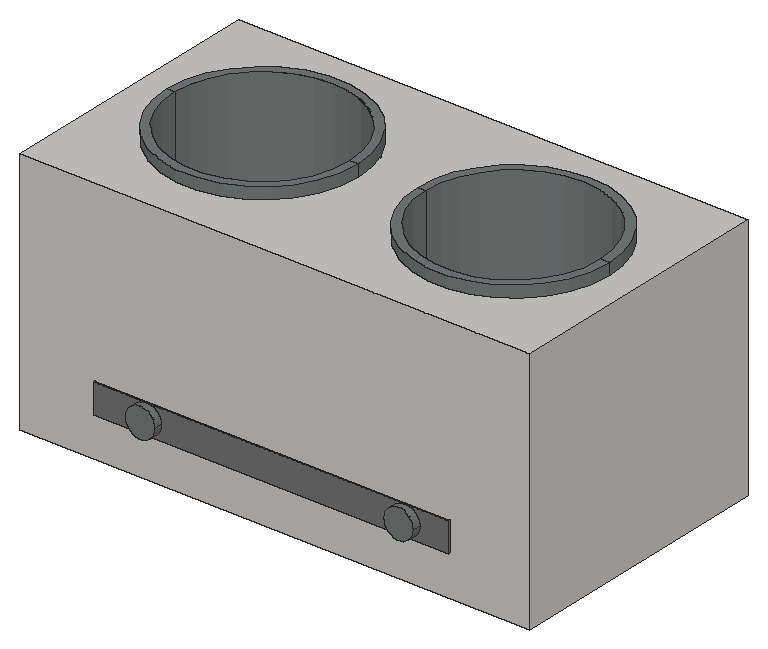
Revit family "QF_Vollrath 72045", category Specialty Equipment, Revit 2016
Family settings
  Part Type = Normal
  Round Connector Dimension = Use Diameter
  OmniClass Number = 23.40.40.11.31
  OmniClass Title = Steam Tables
  Work Plane-Based = No
  Always vertical = Yes
  Cut with Voids When Loaded = No
  Shared = No
  Room Calculation Point = No
Parameters (values of type "72045")
  Width = 17.25"
  Weight in Pounds = 12.58
  Watts = 1100 W
  Watermarked By = "http://revitwatermark.com"
  Volts = 120 V
  URL Cutsheet = ""
  URL = "www.vollrathco.com"
  Status [instance] = ""
  Specification by User [instance] = ""
  Specification by Manufacturer = ""
  Serial Number [instance] = ""
  Seismic Rating [instance] = ""
  Revision Code [instance] = ""
  Phase = 1
  Number of Poles [instance] = 1
  NAFEM Spec ID Number [instance] = ""
  Model = "72045"
  Masterspec = ""
  Manufacturer = "Vollrath"
  Item Number [instance] = ""
  Installed By [instance] = ""
  Height AFF [instance] = 36.00"
  Height = 8.75"
  Furnished By [instance] = ""
  Foodservice Equipment Identifier [instance] = yes
  FL Amps = 9.2 A
  Electrical Remarks [instance] = ""
  Electric Connection Type [instance] = ""
  Elec Conn RI Height [instance] = 0.00"
  Elec Conn Connection Height = 2.00"
  Description = "Rethermalizer, Twin Well"
  Depth = 9.25"
  Cycle = 60 Hz
  Conn Plug = "NEMA 5-15P"
  CSI MasterFormat = "11 42 13"
  Assembly Code = "E1090320"
  Apparent Power = if(Phase = 3, Volts * FL Amps * 1.73, Volts * FL Amps)  # 1104 VA
Reference planes (in)
  plane 1: z = 0
  plane 2 "LEFT": x = 48
  plane 3 "BACK": y = -48
  plane 4 "BOTTOM": z = 36
  plane 5 "RIGHT": x = 65.25
  plane 6 "FRONT": y = -57.25
  plane 7 "TOP": z = 44.75
  plane 8: x = 56.625
  plane 9 "12": y = -52.625
  plane 10: z = 44.37
  plane 11: z = 36.87
  plane 12: z = 37
  plane 13: z = 37.36909
  plane 14: z = 38.36909
  plane 15: x = 49.36359
Forms (in)
  Extrusion 1, solid, material "QF_Finishes_Stainless Steel"
    sketch origin (0, 0, 0) x (1, 0, 0) y (0, 1, 0)
      loop
        line (48, -48) -> (48, -57.25) -> (65.25, -57.25) -> (65.25, -48) -> (48, -48)
    from 36 to 44.37
  Revolve 2, void
    sketch origin (0, -52.625, 0) x (1, 0, 0) y (0, 0, 1)
      loop
        line (49.24805, 44.37) -> (49.24805, 36.87) -> (52.49805, 36.87) -> (52.49805, 44.37) -> (49.24805, 44.37)
      axis (52.49805, 36.87) -> (52.49805, 44.37)
    angle from 0 to 360
  Revolve 3, void
    sketch origin (8.5, -52.625, 0) x (1, 0, 0) y (0, 0, 1)
      loop
        line (49.24805, 44.37) -> (49.24805, 36.87) -> (52.49805, 36.87) -> (52.49805, 44.37) -> (49.24805, 44.37)
      axis (52.49805, 36.87) -> (52.49805, 44.37)
    angle from 0 to 360
  Revolve 4, solid, material "QF_Finishes_Black"
    sketch origin (0, -52.625, 0) x (-1, 0, 0) y (0, 0, 1)
      loop
        line (-52.49805, 36.87) -> (-49.2493, 36.87) -> (-49.2493, 44.75) -> (-49.53039, 44.75) -> (-49.53039, 37) -> (-52.49805, 37) -> (-52.49805, 36.87)
      axis (-52.49805, 36.87) -> (-52.49805, 44.75)
    angle from 0 to 360
  Revolve 5, solid, material "QF_Finishes_Black"
    sketch origin (8.5, -52.625, 0) x (-1, 0, 0) y (0, 0, 1)
      loop
        line (-52.49805, 36.87) -> (-49.2493, 36.87) -> (-49.2493, 44.75) -> (-49.53039, 44.75) -> (-49.53039, 37) -> (-52.49805, 37) -> (-52.49805, 36.87)
      axis (-52.49805, 36.87) -> (-52.49805, 44.75)
    angle from 0 to 360
  Extrusion 6, solid, material "QF_Finishes_Black"
    sketch origin (0, -52.625, 0) x (-1, 0, 0) y (0, 0, 1)
      loop
        circle (-52.29593, 37.85605) r 0.5
      loop
        circle (-61.04593, 37.85605) r 0.5
    from -4.91296 to -4.625
  Extrusion 7, solid, material "QF_Finishes_Dark Grey"
    sketch origin (0, -52.625, 0) x (-1, 0, 0) y (0, 0, 1)
      loop
        line (-50.53237, 38.36909) -> (-62.53237, 38.36909) -> (-62.53237, 37.36909) -> (-50.53237, 37.36909) -> (-50.53237, 38.36909)
    from -4.625 to -4.65975
  Extrusion 8, solid, material "QF_Finishes_Stainless Steel"
    sketch origin (0, -48, 0) x (1, 0, 0) y (0, 0, 1)
      loop
        circle (49.36359, 37.36909) r 0.25
    from 0 to -0.19487
Cuts and joins
  Revolve 2, Revolve 3 cuts Extrusion 1
Lines and regions (in)
  symbolic lines
    curve 1: line (65.25, -48, 0) -> (48, -48, 0)
    curve 2: line (65.25, -57.25, 0) -> (65.25, -48, 0)
    curve 3: line (48, -57.25, 0) -> (65.25, -57.25, 0)
    curve 4: line (48, -48, 0) -> (48, -57.25, 0)
Dimensions and locks (in)
  "Height AFF": plane 4 "BOTTOM" to level
  "Depth": plane 6 "FRONT" to plane 3 "BACK"
  "Height": plane 7 "TOP" to plane 4 "BOTTOM"
  equal spacing: plane 6 "FRONT", plane 9 "12", plane 3 "BACK"
  equal spacing: plane 2 "LEFT", plane 8, plane 5 "RIGHT"
  "Width": plane 2 "LEFT" to plane 5 "RIGHT"
  locked: plane 12 to plane 11 at 0.13
  locked: plane 11 to plane 4 "BOTTOM" at 0.87
  locked: plane 7 "TOP" to plane 10 at 0.38
  locked: plane 14 to plane 13 at 1
  locked: plane 13 to plane 12 at 0.36909
  locked: plane 4 "BOTTOM" to Extrusion 8 sketch curve at 1.36909
  aligned and locked: level to plane 1
  aligned and locked: Extrusion 1 to plane 4 "BOTTOM"
  aligned: plane 7 "TOP" to Extrusion 1
  aligned and locked: plane 10 to Extrusion 1
  aligned and locked: plane 7 "TOP" to Revolve 4  (x2)
  aligned and locked: plane 10 to cut or joined group of Extrusion 1, Revolve 2, Revolve 3
  aligned and locked: plane 12 to Revolve 4  (x2)
  aligned and locked: plane 11 to Revolve 4  (x2)
  aligned and locked: plane 14 to Extrusion 7
  aligned and locked: Extrusion 7 to plane 13
Automatic sketch dimensions
  Extrusion 1 sketch curve to plane 2 "LEFT" = 0.00"
  Extrusion 1 sketch curve to plane 5 "RIGHT" = 0.00"
  Extrusion 1 sketch curve to plane 6 "FRONT" = 0.00"
  plane 3 "BACK" to Extrusion 1 sketch curve = 0.00"
  Revolve 2 sketch curve to plane 10 = 0.00"
  plane 2 "LEFT" to Revolve 2 sketch curve = 1.24805"
  Revolve 2 sketch curve to Revolve 2 sketch curve = 3.25"
  Revolve 2 sketch curve to Revolve 2 sketch curve = 0.00"
  plane 4 "BOTTOM" to Revolve 2 sketch curve = 0.87"
  Revolve 2 sketch curve to plane 4 "BOTTOM" = 2.13"
  plane 7 "TOP" to Revolve 2 sketch curve = 5.12"
  Revolve 3 sketch curve to plane 10 = 0.00"
  plane 8 to Revolve 3 sketch curve = 1.12305"
  Revolve 3 sketch curve to Revolve 3 sketch curve = 3.25"
  Revolve 3 sketch curve to Revolve 3 sketch curve = 0.00"
  plane 4 "BOTTOM" to Revolve 3 sketch curve = 0.87"
  Revolve 3 sketch curve to plane 4 "BOTTOM" = 2.13"
  plane 7 "TOP" to Revolve 3 sketch curve = 5.12"
  Revolve 4 sketch curve to plane 7 "TOP" = 0.00"
  plane 4 "BOTTOM" to Revolve 4 sketch curve = 0.87"
  Revolve 4 sketch curve to plane 8 = 4.12695"
  Revolve 4 sketch curve to Revolve 4 sketch curve = 0.00"
  plane 2 "LEFT" to Revolve 4 sketch curve = 1.53039"
  Revolve 4 sketch curve to Revolve 4 sketch curve = 0.28109"
  Revolve 4 sketch curve to plane 4 "BOTTOM" = 2.63"
  Revolve 4 sketch curve to Revolve 4 sketch curve = 0.13"
  plane 7 "TOP" to Revolve 4 sketch curve = 2.62"
  Revolve 5 sketch curve to plane 7 "TOP" = 0.00"
  plane 4 "BOTTOM" to Revolve 5 sketch curve = 0.87"
  Revolve 5 sketch curve to plane 5 "RIGHT" = 4.25195"
  Revolve 5 sketch curve to Revolve 5 sketch curve = 0.00"
  plane 8 to Revolve 5 sketch curve = 1.40539"
  Revolve 5 sketch curve to Revolve 5 sketch curve = 0.28109"
  Revolve 5 sketch curve to plane 4 "BOTTOM" = 2.63"
  Revolve 5 sketch curve to Revolve 5 sketch curve = 0.13"
  plane 7 "TOP" to Revolve 5 sketch curve = 2.62"
  plane 12 to Extrusion 6 sketch curve = 0.85605"  (x2)
  Extrusion 6 sketch curve to plane 5 "RIGHT" = 4.20407"
  plane 2 "LEFT" to Extrusion 6 sketch curve = 4.29593"
  Extrusion 7 sketch curve to plane 5 "RIGHT" = 2.71763"
  plane 12 to Extrusion 7 sketch curve = 0.36909"
  plane 2 "LEFT" to Extrusion 7 sketch curve = 2.53237"
  Extrusion 7 sketch curve to Extrusion 7 sketch curve = 1.00"
  Extrusion 8 sketch curve to plane 15 = 0.00"
  curve 2 to plane 5 "RIGHT" = 0.00"
  curve 2 to plane 6 "FRONT" = 0.00"
  plane 3 "BACK" to curve 1 = 0.00"
  curve 3 to plane 2 "LEFT" = 0.00"
  radius of Extrusion 6 sketch curve = 0.50"  (x2)
  radius of Extrusion 8 sketch curve = 0.25"
Connectors (in)
  electrical at (49.36359, -47.80513, 37.36909), driven by "Number of Poles", driven by "Volts", driven by "Apparent Power"
    settings: on Extrusion 8, index 1, voltage 120 V, apparent load 1104 VA, apparent load phase1 0 VA, apparent load phase2 0 VA, apparent load phase3 0 VA, power factor 1, load classification "Other", number of poles 1, system type 30, power factor state 1, is connector primary yes, connector utility no, sub classification motor no, connector description "Electric Connection"
